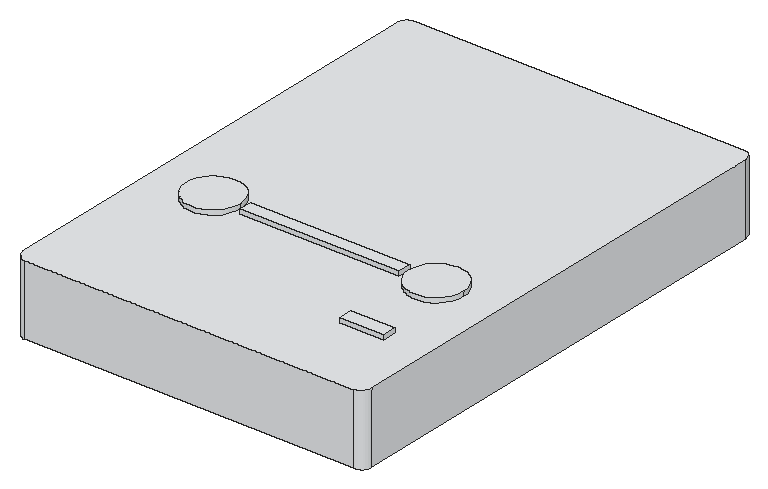
Revit family "AIPhone_GT-1M3", category Data Devices, host Face, Revit 2022
Family settings
  Host = Face
  Round Connector Dimension = Use Diameter
  Part Type = Normal
  OmniClass Number = 23.85.50.17
  OmniClass Title = Communication and Data Processing Equipment
  Cut with Voids When Loaded = No
  Maintain Annotation Orientation = Yes
  Shared = No
  Room Calculation Point = No
Parameters
  Width = 4.94"
  Talk Button = Talk Button
  Specification = "https://www.arcat.com/sdspecs/htm04/28_13_53aic.htm"
  SpecWizard = ""
  Send Message = ""
  Screen = Screen
  Sales Information = ""
  Revision = "R1.0.0"
  Product Properties = ""
  Product Data = ""
  OmniClass Title = ""
  OmniClass Number = ""
  Model = "GT-1M3"
  MasterFormat04 Keynote = ""
  Manufacturer's Notes = ""
  Manufacturer Website = "www.aiphone.com"
  Manufacturer Phone - Toll Free = "800-692-0200"
  Manufacturer Phone = "425-455-0510"
  Manufacturer Fax = "425-455-0071"
  Manufacturer Email = "https://www.aiphone.com/home/sales/regional-sales"
  Manufacturer Address = "6670 185th Ave. NE, Redmond, WA 98052"
  Manufacturer = "AIPHONE"
  Installation-Fabrication = "https://www.arcat.com/cad/aiphone/282300_gt-1m3-1.pdf"
  Host Width = 12.00"
  Height = 7.06"
  Green Building-LEED = "https://www.arcat.com/green/clients/leed_data_30204.html?coid=30204"
  Drawn By = "Matt Wunch"
  Door Release Button = Door Release
  Description = "RESIDENTIAL / TENANT STATION"
  Depth = 1.00"
  Default Elevation = 48.00"
  Copyright = "Arcat, Inc. ©2019"
  Construction Details = ""
  Building Codes = ""
  Body = Plastic
Reference planes (in)
  plane 1 "Center (Front/Back)": y = 0
  plane 2: z = 0
  plane 3 "Center (Left/Right)": x = 0
  plane 4: x = -2.47
  plane 5: x = 2.47
  plane 6: y = -3.53
  plane 7: y = 3.53
  plane 8: z = 1
  plane 9: z = 1.0625
  plane 10: x = -6
  plane 11: x = 6
  plane 12: y = 6
  plane 13: y = -6
Forms (in)
  Extrusion 1, solid, material "Plastic" <- "Body"
    sketch origin (0, 0, 0) x (1, 0, 0) y (0, 1, 0)
      loop
        line (2.32, 3.53) -> (-2.32, 3.53)
        arc (-2.32, 3.53) -> (-2.42607, 3.48607) -> (-2.47, 3.38) r 0.15
        line (-2.47, 3.38) -> (-2.47, -3.22434)
        arc (-2.47, -3.22434) -> (-2.42865, -3.32777) -> (-2.32738, -3.37416) r 0.15
        arc (-2.32738, -3.37416) -> (0.00235, -3.43143) -> (2.33208, -3.37368) r 47.22372
        arc (2.33208, -3.37368) -> (2.43025, -3.32588) -> (2.47, -3.22417) r 0.15
        line (2.47, -3.22417) -> (2.47, 3.38)
        arc (2.47, 3.38) -> (2.42607, 3.48607) -> (2.32, 3.53) r 0.15
    from 0 to 1 <- "Depth"
  Extrusion 2, solid, material "Plastic" <- "Body"
    sketch origin (0, 0, 0) x (1, 0, 0) y (0, 1, 0)
      loop
        circle (1.57875, -0.973) r 0.38594
      loop
        circle (-1.58125, -0.973) r 0.38594
      loop
        line (1.26606, -2.10196) -> (1.26606, -2.29303) -> (1.89157, -2.29303) -> (1.89157, -2.10196) -> (1.26606, -2.10196)
      loop
        line (1.12137, -1.06862) -> (1.12137, -0.87738) -> (-1.12387, -0.87738) -> (-1.12387, -1.06862) -> (1.12137, -1.06862)
    from 0.93109 to 1.0625
Cuts and joins
  joined: Extrusion 1, Extrusion 2
Lines and regions (in)
  Split face 1
    outline origin (-2.17, 3.38, 1) x (0, 1, 0) y (-1, 0, 0)
      loop
        line (-0.67535, -3.91105) -> (-0.67535, -0.42645)
        spline (-0.67535, -0.42645) -> (-0.67569, -0.4213) -> (-0.67669, -0.41625) -> (-0.67834, -0.41137) -> (-0.68062, -0.40675) -> (-0.68347, -0.40248) -> (-0.68686, -0.39861) -> (-0.69073, -0.39522) -> (-0.695, -0.39237) -> (-0.69962, -0.39009) -> (-0.7045, -0.38844) -> (-0.70955, -0.38744) -> (-0.7147, -0.3871)
        line (-0.7147, -0.3871) -> (-3.54755, -0.3871)
        spline (-3.54755, -0.3871) -> (-3.5527, -0.38744) -> (-3.55775, -0.38844) -> (-3.56263, -0.39009) -> (-3.56725, -0.39237) -> (-3.57152, -0.39522) -> (-3.57539, -0.39861) -> (-3.57878, -0.40248) -> (-3.58163, -0.40675) -> (-3.58391, -0.41137) -> (-3.58556, -0.41625) -> (-3.58656, -0.4213) -> (-3.5869, -0.42645)
        line (-3.5869, -0.42645) -> (-3.5869, -3.91105)
        spline (-3.5869, -3.91105) -> (-3.58656, -3.9162) -> (-3.58556, -3.92125) -> (-3.58391, -3.92613) -> (-3.58163, -3.93075) -> (-3.57878, -3.93502) -> (-3.57539, -3.93889) -> (-3.57152, -3.94228) -> (-3.56725, -3.94513) -> (-3.56263, -3.94741) -> (-3.55775, -3.94906) -> (-3.5527, -3.95006) -> (-3.54755, -3.9504)
        line (-3.54755, -3.9504) -> (-0.7147, -3.9504)
        spline (-0.7147, -3.9504) -> (-0.70955, -3.95006) -> (-0.7045, -3.94906) -> (-0.69962, -3.94741) -> (-0.695, -3.94513) -> (-0.69073, -3.94228) -> (-0.68686, -3.93889) -> (-0.68347, -3.93502) -> (-0.68062, -3.93075) -> (-0.67834, -3.92613) -> (-0.67669, -3.92125) -> (-0.67569, -3.9162) -> (-0.67535, -3.91105)
  Split face 2
    outline origin (-2.17, 3.38, 1) x (0, 1, 0) y (-1, 0, 0)
      loop
        line (-0.98563, -0.82575) -> (-2.98038, -0.82575) -> (-2.98038, -3.51175) -> (-0.98563, -3.51175) -> (-0.98563, -0.82575)
  model lines
    curve 1: circle (-0.2975, -1.90125, 1) r 0.06649 normal (0, 0, 1)
    curve 2: circle (-0.1, -1.90125, 1) r 0.06649 normal (0, 0, 1)
    curve 3: circle (0.0975, -1.90125, 1) r 0.06649 normal (0, 0, 1)
    curve 4: circle (0.295, -1.90125, 1) r 0.06649 normal (0, 0, 1)
    curve 5: circle (-0.2975, -2.10125, 1) r 0.06649 normal (0, 0, 1)
    curve 6: circle (-0.1, -2.10125, 1) r 0.06649 normal (0, 0, 1)
    curve 7: circle (0.0975, -2.10125, 1) r 0.06649 normal (0, 0, 1)
    curve 8: circle (0.295, -2.10125, 1) r 0.06649 normal (0, 0, 1)
    curve 9: circle (-0.2975, -2.30125, 1) r 0.06649 normal (0, 0, 1)
    curve 10: circle (-0.1, -2.30125, 1) r 0.06649 normal (0, 0, 1)
    curve 11: circle (0.0975, -2.30125, 1) r 0.06649 normal (0, 0, 1)
    curve 12: circle (0.295, -2.30125, 1) r 0.06649 normal (0, 0, 1)
    curve 13: circle (-0.2975, -2.50125, 1) r 0.06649 normal (0, 0, 1)
    curve 14: circle (-0.1, -2.50125, 1) r 0.06649 normal (0, 0, 1)
    curve 15: circle (0.0975, -2.50125, 1) r 0.06649 normal (0, 0, 1)
    curve 16: circle (0.295, -2.50125, 1) r 0.06649 normal (0, 0, 1)
    curve 17: line (-0.3765, -0.87738, 1.0625) -> (-0.3765, -1.06862, 1.0625)
    curve 18: line (0.35425, -0.87738, 1.0625) -> (0.35425, -1.06862, 1.0625)
Dimensions and locks (in)
  equal spacing: plane 4, plane 3 "Center (Left/Right)", plane 5
  equal spacing: plane 7, plane 1 "Center (Front/Back)", plane 6
  "Height": plane 7 to plane 6
  "Width": plane 4 to plane 5
  "Depth": plane 8 to host face
  equal spacing: plane 10, plane 3 "Center (Left/Right)", plane 11
  equal spacing: plane 12, plane 1 "Center (Front/Back)", plane 13
  "Host Width": plane 12 to plane 13
  "Host Width": plane 10 to plane 11
  aligned and locked: plane 2 to host face
  aligned and locked: level to host face
Automatic sketch dimensions
  host sketch curve to host sketch curve = 3.62175"
  host sketch curve to host sketch curve = 4.8066"
  Extrusion 1 sketch curve to plane 4 = 0.00"
  Extrusion 1 sketch curve to plane 7 = 0.00"
  Extrusion 1 sketch curve to plane 5 = 0.00"
  plane 4 to Extrusion 1 sketch curve = 0.15"
  Extrusion 1 sketch curve to Extrusion 1 sketch curve = 0.15"  (x2)
  Extrusion 1 sketch curve to plane 3 "Center (Left/Right)" = 0.0025"
  Extrusion 1 sketch curve to plane 5 = 0.15"
  plane 6 to Extrusion 1 sketch curve = 0.30566"
  Extrusion 1 sketch curve to Extrusion 1 sketch curve = 0.00"  (x2)
  Extrusion 1 sketch curve to plane 5 = 0.13792"
  plane 4 to Extrusion 2 sketch curve = 0.88875"
  Extrusion 2 sketch curve to plane 5 = 0.89125"
  plane 1 "Center (Front/Back)" to Extrusion 2 sketch curve = 0.973"  (x2)
  Extrusion 2 sketch curve to plane 5 = 1.20394"
  Extrusion 2 sketch curve to Extrusion 2 sketch curve = 0.62551"
  Extrusion 2 sketch curve to Extrusion 2 sketch curve = 1.12896"
  Extrusion 2 sketch curve to Extrusion 2 sketch curve = 0.19107"
  Extrusion 2 sketch curve to Extrusion 2 sketch curve = 0.45738"  (x2)
  Extrusion 2 sketch curve to Extrusion 2 sketch curve = 0.09562"
  Extrusion 2 sketch curve to Extrusion 2 sketch curve = 0.19124"
  curve 1 to Extrusion 1 = 2.1725"
  curve 13 to curve 1 = 0.00"
  curve 9 to curve 13 = 0.00"
  curve 5 to curve 1 = 0.00"
  curve 5 to curve 6 = 0.1975"
  curve 1 to curve 2 = 0.1975"
  curve 13 to curve 14 = 0.1975"
  curve 9 to curve 10 = 0.1975"
  curve 10 to curve 11 = 0.1975"
  curve 2 to curve 3 = 0.1975"
  curve 6 to curve 7 = 0.1975"
  curve 14 to curve 15 = 0.1975"
  curve 7 to curve 8 = 0.1975"
  curve 3 to curve 4 = 0.1975"
  curve 11 to curve 12 = 0.1975"
  curve 15 to curve 16 = 0.1975"
  curve 15 to Extrusion 1 = 6.03125"
  curve 14 to curve 15 = 0.00"
  curve 13 to curve 14 = 0.00"
  curve 15 to curve 16 = 0.00"
  curve 16 to curve 12 = 0.20"
  curve 11 to curve 12 = 0.00"
  curve 10 to curve 11 = 0.00"
  curve 9 to curve 10 = 0.00"
  curve 11 to curve 7 = 0.20"
  curve 6 to curve 7 = 0.00"
  curve 5 to curve 6 = 0.00"
  curve 7 to curve 8 = 0.00"
  curve 7 to curve 3 = 0.20"
  curve 2 to curve 3 = 0.00"
  curve 1 to curve 2 = 0.00"
  curve 3 to curve 4 = 0.00"
  Extrusion 2 to curve 17 = 0.00"
  curve 17 to Extrusion 2 = 0.00"
  Extrusion 2 to curve 18 = 0.00"
  curve 18 to Extrusion 2 = 0.00"
  curve 17 to Extrusion 2 = 0.74737"
  curve 17 to curve 18 = 0.73075"
  cut or joined group of Extrusion 1, Extrusion 2 to Split face 1 sketch curve = 0.67048"
  Split face 1 sketch curve to Split face 1 sketch curve = 0.03935"  (x6)
  Split face 1 sketch curve to cut or joined group of Extrusion 1, Extrusion 2 = 0.8647"  (x2)
  Split face 1 sketch curve to cut or joined group of Extrusion 1, Extrusion 2 = 0.11117"
  cut or joined group of Extrusion 1, Extrusion 2 to Split face 1 sketch curve = 0.61968"  (x2)
  Split face 1 sketch curve to Split face 1 sketch curve = 0.01151"  (x3)
  Split face 1 sketch curve to Split face 1 sketch curve = 0.0003"  (x2)
  Split face 1 sketch curve to Split face 1 sketch curve = 0.03965"  (x2)
  Split face 1 sketch curve to Split face 1 sketch curve = 0.02814"
  cut or joined group of Extrusion 1, Extrusion 2 to Split face 2 sketch curve = 0.22038"
  cut or joined group of Extrusion 1, Extrusion 2 to Split face 2 sketch curve = 1.27701"
  Split face 2 sketch curve to cut or joined group of Extrusion 1, Extrusion 2 = 0.07569"
  Split face 2 sketch curve to cut or joined group of Extrusion 1, Extrusion 2 = 1.13563"
  radius of Extrusion 2 sketch curve = 0.38594"  (x2)
  radius of curve 1 = 0.06649"
  radius of curve 2 = 0.06649"
  radius of curve 3 = 0.06649"
  radius of curve 4 = 0.06649"
  radius of curve 5 = 0.06649"
  radius of curve 6 = 0.06649"
  radius of curve 7 = 0.06649"
  radius of curve 8 = 0.06649"
  radius of curve 9 = 0.06649"
  radius of curve 10 = 0.06649"
  radius of curve 11 = 0.06649"
  radius of curve 12 = 0.06649"
  radius of curve 13 = 0.06649"
  radius of curve 14 = 0.06649"
  radius of curve 15 = 0.06649"
  radius of curve 16 = 0.06649"
